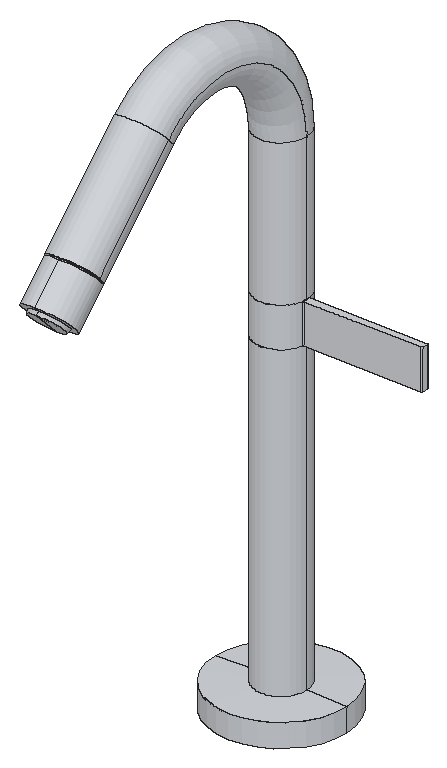
Revit family "Faucet-Lavatory-KOHLER-Stillness-K-985M", category Plumbing Fixtures, host Face, Revit 2017
Family settings
  Host = Face
  Round Connector Dimension = Use Diameter
  Part Type = Normal
  OmniClass Number = 23.31.11.00
  OmniClass Title = Faucets
  Cut with Voids When Loaded = No
  Shared = No
  Room Calculation Point = No
Parameters (values of type "CP-Polished Chrome")
  Width = 2.32283"  # constant formula
  WaterSense Certified = 1 = 0  # no
  Waste Water Outlet = "Waste Water Outlet"  # constant formula
  Waste Connection = 1 = 0  # no
  Vent Connection = 1 = 0  # no
  URL = "https://la.kohler.com/es?country=MX"
  Type = 1
  Spout Reach = 5.19685"  # constant formula
  Product Page URL = "https://la.kohler.com/es/product-detail/985m-4?skuid=K-985M-4-CP"
  Product Name = "Stillness"  # constant formula
  Product Documentation Link = "http://resources.kohler.com/plumbing/kohlerla/pdf/985T-4%20STILLNESS%20Spec%20Sheet.pdf"
  Pressure = 0.00 psi
  Model = if(Type = 1, "K-985M-4-CP", "NA")  # "K-985M-4-CP"
  Material = "Premium Metal Construction"  # constant formula
  Master Format 2014 Name = "Residential Faucets, Supplies, and Trim"  # constant formula
  Master Format 2014 = "22 41 39"  # constant formula
  Manufacturer Address = "KOHLER Co.444 Highland Dr.Kohler, WI 53044"  # constant formula
  Manufacturer = "KOHLER Co."  # constant formula
  Length = Spout Reach  # 5.19685"
  Hot Water Inlet = "Hot Water Inlet"  # constant formula
  Height = 11.49606"  # constant formula
  Handle Clearance = 2.55906"  # constant formula
  HW Connection = 1 = 1  # yes
  Flow Rate = 2.37 GPM  # constant formula
  Finish = Kohler-Metal-CP-Polished_Chrome
  Environmental Product Declaration = ""
  Drain Included = 1 = 0  # no
  Description = "Single lever basin mixer Stillness"  # constant formula
  Default Elevation = 36"
  Declare Label = ""
  Date Modified = "09/10/2020"  # constant formula
  Date Created = "09/10/2020"  # constant formula
  Copyright = "Copyright KOHLER Co."  # constant formula
  Contact Us = "https://la.kohler.com/es/contact-us-page"
  Cold Water Inlet = "Cold Water Inlet"  # constant formula
  CW Connection = 1 = 1  # yes
  Assembly Code = "D2010"
  ADA Compliant = 1 = 0  # no
Reference planes (in)
  plane 1 "Center (Front/Back)": y = 0
  plane 2: z = 0
  plane 3 "Center (Left/Right)": x = 0
  plane 4: z = 11.49606
  plane 5: z = 5.94488
  plane 6: x = 2.55906
  plane 7: x = 1.16142
  plane 8: x = -1.16142
  plane 9: z = 8.38583
  plane 10: y = -5.19685
  plane 11: y = 1.16142
  plane 12: y = -1.16142
Dimensions and locks (in)
  "Spout Reach": plane 1 "Center (Front/Back)" to plane 10
  plane 9 to level = 8.38583"
  "Height": plane 4 to level
  equal spacing: plane 7, plane 3 "Center (Left/Right)", plane 8
  plane 7 to plane 8 = 2.32283"
  plane 5 to level = 5.94488"
  "Handle Clearance": plane 6 to plane 3 "Center (Left/Right)"
  "Width": plane 8 to plane 7
  aligned and locked: plane 2 to host face
  aligned and locked: level to host face
Automatic sketch dimensions
  host sketch curve to host sketch curve = 96"  (x2)
Nested families (in)
  nested 1: "K-985M" at (0, 0, 0), type "K-985M"
Connectors (in)
  piping at (0.68587, 0, 0), diameter 0.375, driven by "Flow Rate", driven by "Pressure", driven by "CW Connection", driven by "Cold Water Inlet"
    settings: on nested 1, index 1, connector inside diameter 24", connector length 0", flow factor 0, pipe flow 2.37 GPM, pressure drop 0.00 psi, fitting loss kfactor 0, connector angle 0.00°, fixture units 0, engagement length 0", angle of deflection 0.00°, flow configuration 1, flow direction 1, fitting loss method 4, system type 20, joint type 0, gender type 0, connector reference index -1, connector utility 1, adjustable connector no, is connector primary yes, connector description "Cold Water Inlet"
  piping at (-0.68587, 0, 0), diameter 0.375, driven by "Flow Rate", driven by "Pressure", driven by "HW Connection", driven by "Hot Water Inlet"
    settings: on nested 1, index 2, connector inside diameter 24", connector length 0", flow factor 0, pipe flow 2.37 GPM, pressure drop 0.00 psi, fitting loss kfactor 0, connector angle 0.00°, fixture units 0, engagement length 0", angle of deflection 0.00°, flow configuration 1, flow direction 1, fitting loss method 4, system type 19, joint type 0, gender type 0, connector reference index -1, connector utility 1, adjustable connector no, is connector primary no, connector description "Hot Water Inlet"
Definition of nested family "K-985M"
  Parameters (values of type "K-985M")
    Material = none
  Reference planes (in)
    plane 1 "Center (Front/Back)": y = 0
    plane 2: z = 0
    plane 3 "Center (Left/Right)": x = 0
    plane 4: z = 11.49606
    plane 5: y = -5.19685
    plane 6: z = 8.38583
    plane 7: through (0, -5.19685, 8.38583) normal (0, 0.7071, -0.7071)
    plane 8: z = 5.94488
    plane 9: x = 2.55906
    plane 10: z = 6.65354
    plane 11: x = -1.16142
    plane 12: x = 1.16142
    plane 13: y = 1.16142
    plane 14: y = -1.16142
  Forms (in)
    Revolve 1, solid, material <- "Material", detail levels medium+fine
      sketch origin (0, 0, 0) x (1, 0, 0) y (0, 0, 1)
        loop
          line (-1.16142, 0) -> (0, 0) -> (0, 5.94342) -> (-0.45295, 5.94342) -> (-0.45295, 0.43275)
          arc (-0.45295, 0.43275) -> (-0.80724, 0.42524) -> (-1.16142, 0.41338) r 28.90603
          line (-1.16142, 0.41338) -> (-1.16142, 0)
        axis (0, 5.94342) -> (0, 0)
      angle from 0 to 360
    Revolve 2, solid, material <- "Material", detail levels medium+fine
      sketch origin (0, 0, 0) x (1, 0, 0) y (0, 0, 1)
        loop
          line (-0.45295, 5.94488) -> (0, 5.94488) -> (0, 6.65354) -> (-0.45295, 6.65354) -> (-0.45295, 5.94488)
        axis (0, 6.65354) -> (0, 5.94488)
      angle from 0 to 360
    Extrusion 3, solid, material <- "Material", detail levels medium+fine
      sketch origin (0, 0, 0) x (1, 0, 0) y (0, 1, 0)
        loop
          line (2.53898, 0.0689) -> (0.46406, 0.0689)
          arc (0.46406, 0.0689) -> (0.44882, 0.07566) -> (0.44361, 0.09151) r 0.02055
          arc (0.44361, 0.09151) -> (0.45295, 0.00163) -> (0.44426, -0.08832) r 0.45295
          arc (0.44426, -0.08832) -> (0.45019, -0.07456) -> (0.46406, -0.0689) r 0.01981
          line (0.46406, -0.0689) -> (2.53863, -0.0689)
          arc (2.53863, -0.0689) -> (2.55314, -0.06289) -> (2.55915, -0.04837) r 0.02052
          line (2.55915, -0.04837) -> (2.55915, 0.04873)
          arc (2.55915, 0.04873) -> (2.55324, 0.06299) -> (2.53898, 0.0689) r 0.02017
      from 5.94488 to 6.65354
    Sweep 4, solid, material <- "Material", detail levels medium+fine
      path origin (0, 0, 0) x (0, 1, 0) y (0, 0, 1)
        loop
          line (0, 6.65354) -> (0, 9.23622)
          arc (0, 9.23622) -> (-1.10081, 10.89517) -> (-3.05714, 10.52553) r 1.80045
          line (-3.05714, 10.52553) -> (-4.58828, 8.9944)
      profile origin (0, 0, 7.94488) x (0, -1, 0) y (1, 0, 0)
        loop
          circle (0, 0) r 0.45295
    Revolve 5, solid, material <- "Material", detail levels medium+fine
      sketch origin (0, 0, 0) x (0, 1, 0) y (0, 0, 1)
        loop
          line (-5.19569, 8.38699) -> (-4.97558, 8.16689) -> (-4.90498, 8.19832) -> (-5.14467, 8.43801) -> (-5.19569, 8.38699)
        axis (-5.14467, 8.43801) -> (-5.19569, 8.38699)
      angle from 0 to 360
    Revolve 6, solid, material <- "Material", detail levels medium+fine
      sketch origin (0, 0, 0) x (0, 1, 0) y (0, 0, 1)
        loop
          line (-4.58828, 8.9944) -> (-5.14467, 8.43801) -> (-4.82438, 8.11773) -> (-4.28974, 8.65237) -> (-4.3173, 8.67993) -> (-4.29556, 8.70167) -> (-4.58828, 8.9944)
        axis (-4.58828, 8.9944) -> (-5.14467, 8.43801)
      angle from 0 to 360
    Extrusion 7, solid, material <- "Material", detail levels medium+fine
      sketch origin (0, 0, 0) x (1, 0, 0) y (0, 1, 0)
        loop
          circle (0.68587, 0) r 0.03877
        loop
          circle (-0.68587, 0) r 0.03877
      from 0 to 0.05368
    Revolve 8, solid, material <- "Material", detail levels coarse
      sketch origin (0, 0, 0) x (0, 1, 0) y (0, 0, 1)
        loop
          line (1.16142, 0.41338) -> (0.45295, 0.41338) -> (0.45295, 6.65354) -> (0, 6.65354) -> (0, 0) -> (1.16142, 0) -> (1.16142, 0.41338)
        axis (0, 6.65354) -> (0, 0)
      angle from 0 to 360
    Sweep 9, solid, material <- "Material", detail levels coarse
      path origin (0, 0, 0) x (0, 1, 0) y (0, 0, 1)
        loop
          line (0, 6.65354) -> (0, 9.2126)
          arc (0, 9.2126) -> (-1.08376, 10.9048) -> (-3.05714, 10.52553) r 1.79118
          line (-3.05714, 10.52553) -> (-5.14467, 8.43801)
      profile origin (0, 0, 7.93307) x (0, -1, 0) y (1, 0, 0)
        loop
          circle (0, 0) r 0.45295
    Revolve 10, solid, material <- "Material", detail levels coarse
      sketch origin (0, 0, 0) x (0, 1, 0) y (0, 0, 1)
        loop
          line (-5.38436, 8.6777) -> (-5.41579, 8.60709) -> (-5.19569, 8.38699) -> (-5.14467, 8.43801) -> (-5.38436, 8.6777)
        axis (-5.14467, 8.43801) -> (-5.19569, 8.38699)
      angle from 0 to 360
    Extrusion 11, solid, material <- "Material", detail levels coarse
      sketch origin (0, 0, 0) x (1, 0, 0) y (0, 0, 1)
        loop
          line (0.33084, 6.65354) -> (0.33084, 5.94488) -> (2.55915, 5.94488) -> (2.55915, 6.65354) -> (0.33084, 6.65354)
      from -0.0689 to 0.0689
  Lines and regions (in)
    Masking region 1
      outline origin (0, 0, 0) x (1, 0, 0) y (0, 0, 1)
        loop
          line (-1.16142, 0) -> (1.16142, 0) -> (1.16142, 0.41338)
          arc (1.16142, 0.41338) -> (0.80724, 0.42513) -> (0.45295, 0.43275) r 30.47312
          line (0.45295, 0.43275) -> (0.45295, 5.94488) -> (2.55906, 5.94488) -> (2.55906, 6.65354) -> (0.45295, 6.65354) -> (0.45295, 11.03797)
          arc (0.45295, 11.03797) -> (0, 11.49092) -> (-0.45295, 11.03797) r 0.45295
          line (-0.45295, 11.03797) -> (-0.45295, 0.43275)
          arc (-0.45295, 0.43275) -> (-0.80724, 0.42513) -> (-1.16142, 0.41338) r 30.47312
          line (-1.16142, 0.41338) -> (-1.16142, 0)
    Masking region 2
      outline origin (0, 0, 0) x (0, 1, 0) y (0, 0, 1)
        loop
          line (1.16147, 0) -> (1.16147, 0.41305)
          arc (1.16147, 0.41305) -> (0.80727, 0.42512) -> (0.45295, 0.43275) r 28.28998
          line (0.45295, 0.43275) -> (0.45295, 9.25129)
          arc (0.45295, 9.25129) -> (-0.93636, 11.32821) -> (-3.38635, 10.8369) r 2.24708
          line (-3.38635, 10.8369) -> (-4.90856, 9.31468) -> (-4.881, 9.28712) -> (-4.90275, 9.26538) -> (-4.93031, 9.29294) -> (-5.46495, 8.7583) -> (-5.38436, 8.6777) -> (-5.41579, 8.60709) -> (-4.97558, 8.16689) -> (-4.90498, 8.19832) -> (-4.82438, 8.11773) -> (-4.28974, 8.65237) -> (-4.3173, 8.67993) -> (-4.29556, 8.70167) -> (-4.26799, 8.67411) -> (-2.74665, 10.19545)
          arc (-2.74665, 10.19545) -> (-1.30559, 10.48938) -> (-0.45295, 9.29102) r 1.34845
          line (-0.45295, 9.29102) -> (-0.45295, 0.43275)
          arc (-0.45295, 0.43275) -> (-0.80727, 0.42512) -> (-1.16147, 0.41305) r 28.28998
          line (-1.16147, 0.41305) -> (-1.16147, 0) -> (1.16147, 0)
    Masking region 3
      outline origin (0, 0, 0) x (1, 0, 0) y (0, 1, 0)
        loop
          line (-0.4469, -1.07199) -> (-0.4469, -5.19685)
          spline (-0.4469, -5.19685) -> (-0.41733, -5.26915) -> (-0.36529, -5.33402) -> (-0.29304, -5.38881) -> (-0.20474, -5.43037) -> (-0.10524, -5.45618) -> (-0.00001, -5.46492) -> (0.10526, -5.45616) -> (0.20471, -5.43037) -> (0.29296, -5.38892) -> (0.36528, -5.334) -> (0.41751, -5.26886) -> (0.4469, -5.19685)
          line (0.4469, -5.19685) -> (0.4469, -1.07199)
          arc (0.4469, -1.07199) -> (0.94688, -0.67254) -> (1.15937, -0.0689) r 1.16142
          line (1.15937, -0.0689) -> (2.53853, -0.0689)
          arc (2.53853, -0.0689) -> (2.55304, -0.06289) -> (2.55906, -0.04837) r 0.02052
          line (2.55906, -0.04837) -> (2.55906, 0.04873)
          arc (2.55906, 0.04873) -> (2.55315, 0.06299) -> (2.53889, 0.0689) r 0.02017
          line (2.53889, 0.0689) -> (1.15937, 0.0689)
          arc (1.15937, 0.0689) -> (-0.67254, 0.94688) -> (-0.4469, -1.07199) r 1.16142
    symbolic lines, detail levels medium+fine
      curve 1: line (-0.45295, 0, 0.43275) -> (0.45295, 0, 0.43275)
      curve 2: line (-1.16142, 0, 0.41338) -> (1.16142, 0, 0.41338)
      curve 3: line (0.45295, 0, 5.94488) -> (0.45295, 0, 6.65354)
      curve 4: line (-0.45295, 0, 6.65354) -> (0.45295, 0, 6.65354)
      curve 5: line (-0.45295, 0, 5.94488) -> (0.45295, 0, 5.94488)
      curve 6: spline (0.45295, 0, 8.43801) -> (0.43752, 0, 8.52091) -> (0.39227, 0, 8.59815) -> (0.32029, 0, 8.66449) -> (0.22648, 0, 8.71539) -> (0.11723, 0, 8.74738) -> (0, 0, 8.7583) -> (-0.11723, 0, 8.74738) -> (-0.22648, 0, 8.71539) -> (-0.32029, 0, 8.66449) -> (-0.39227, 0, 8.59815) -> (-0.43752, 0, 8.52091) -> (-0.45295, 0, 8.43801) -> (-0.43752, 0, 8.35512) -> (-0.39227, 0, 8.27787) -> (-0.32029, 0, 8.21154) -> (-0.22648, 0, 8.16064) -> (-0.11723, 0, 8.12864) -> (0, 0, 8.11773) -> (0.11723, 0, 8.12864) -> (0.22648, 0, 8.16064) -> (0.32029, 0, 8.21154) -> (0.39227, 0, 8.27787) -> (0.43752, 0, 8.35512) -> (0.45295, 0, 8.43801)
      curve 7: spline (0.31127, 0, 8.38699) -> (0.30067, 0, 8.44396) -> (0.26957, 0, 8.49704) -> (0.2201, 0, 8.54263) -> (0.15564, 0, 8.57761) -> (0.08056, 0, 8.59959) -> (0, 0, 8.60709) -> (-0.08056, 0, 8.59959) -> (-0.15564, 0, 8.57761) -> (-0.2201, 0, 8.54263) -> (-0.26957, 0, 8.49704) -> (-0.30067, 0, 8.44396) -> (-0.31127, 0, 8.38699) -> (-0.30067, 0, 8.33002) -> (-0.26957, 0, 8.27694) -> (-0.2201, 0, 8.23135) -> (-0.15564, 0, 8.19637) -> (-0.08056, 0, 8.17439) -> (0, 0, 8.16689) -> (0.08056, 0, 8.17439) -> (0.15564, 0, 8.19637) -> (0.2201, 0, 8.23135) -> (0.26957, 0, 8.27694) -> (0.30067, 0, 8.33002) -> (0.31127, 0, 8.38699)
      curve 8: spline (0.29836, 0, 8.32425) -> (0.33515, 0, 8.40212) -> (0.33262, 0, 8.4842) -> (0.29106, 0, 8.56086) -> (0.21536, 0, 8.62311) -> (0.11439, 0, 8.66364) -> (0, 0, 8.6777) -> (-0.11439, 0, 8.66364) -> (-0.21536, 0, 8.62311) -> (-0.29106, 0, 8.56086) -> (-0.33262, 0, 8.4842) -> (-0.33515, 0, 8.40212) -> (-0.29836, 0, 8.32425)
      curve 9: spline (0.45295, 0, 8.9944) -> (0.43718, 0, 9.07817) -> (0.39098, 0, 9.15611) -> (0.31756, 0, 9.22279) -> (0.22202, 0, 9.27357) -> (0.11103, 0, 9.30491) -> (-0.00769, 0, 9.31464) -> (-0.12587, 0, 9.30207) -> (-0.2353, 0, 9.26808) -> (-0.32834, 0, 9.21503) -> (-0.39852, 0, 9.14663) -> (-0.44095, 0, 9.06763) -> (-0.45269, 0, 8.98353)
      curve 10: spline (0.45295, 0, 8.97266) -> (0.43785, 0, 9.05468) -> (0.39354, 0, 9.13123) -> (0.32299, 0, 9.1972) -> (0.2309, 0, 9.2482) -> (0.12341, 0, 9.28082) -> (0.00769, 0, 9.29289) -> (-0.10855, 0, 9.28361) -> (-0.21754, 0, 9.25358) -> (-0.31203, 0, 9.20482) -> (-0.3857, 0, 9.14058) -> (-0.43366, 0, 9.06514) -> (-0.45269, 0, 8.98353)
      curve 11: line (0, 1.16147, 0.41305) -> (0, -1.16147, 0.41305)
      curve 12: line (0, 0.45295, 0.43275) -> (0, -0.45295, 0.43275)
      curve 13: line (0, 0.45295, 6.65354) -> (0, -0.45295, 6.65354)
      curve 14: line (0, 0.45295, 5.94342) -> (0, -0.45295, 5.94342)
      curve 15: line (0, -4.29556, 8.70167) -> (0, -4.881, 9.28712)
      curve 16: line (0, -4.3173, 8.67993) -> (0, -4.90275, 9.26538)
      curve 17: line (0, -4.90498, 8.19832) -> (0, -5.38436, 8.6777)
      curve 18: arc (-0.45295, 0, 0) -> (0, 0.45295, 0) -> (0.45295, 0, 0) r 0.45295
      curve 19: arc (0.45254, -0.07259, 0) -> (0.45801, -0.06984, 0) -> (0.46406, -0.0689, 0) r 0.01981
      curve 20: line (-0.45295, 0, 0) -> (-0.4469, -1.07199, 0)
      curve 21: line (0.45295, 0, 0) -> (0.4469, -1.07199, 0)
      curve 22: line (1.15937, -0.0689, 0) -> (0.46406, -0.0689, 0)
      curve 23: spline (0.4469, -4.66221, 0) -> (0.41752, -4.73421, 0) -> (0.36527, -4.79942, 0) -> (0.29303, -4.85425, 0) -> (0.20475, -4.89572, 0) -> (0.10526, -4.92154, 0) -> (0, -4.93031, 0) -> (-0.10526, -4.92154, 0) -> (-0.20475, -4.89572, 0) -> (-0.29303, -4.85425, 0) -> (-0.36527, -4.79942, 0) -> (-0.41752, -4.73421, 0) -> (-0.4469, -4.66221, 0)
      curve 24: spline (0.4469, -4.64046, 0) -> (0.41752, -4.71247, 0) -> (0.36527, -4.77767, 0) -> (0.29303, -4.83251, 0) -> (0.20475, -4.87397, 0) -> (0.10526, -4.8998, 0) -> (0, -4.90856, 0) -> (-0.10526, -4.8998, 0) -> (-0.20475, -4.87397, 0) -> (-0.29303, -4.83251, 0) -> (-0.36527, -4.77767, 0) -> (-0.41752, -4.71247, 0) -> (-0.4469, -4.64046, 0)
      curve 25: line (1.15937, 0.0689, 0) -> (0.46406, 0.0689, 0)
      curve 26: arc (0.46406, 0.0689, 0) -> (0.45047, 0.07404, 0) -> (0.44367, 0.08688, 0) r 0.02055
  Dimensions and locks (in)
    aligned and locked: plane 2 to level
